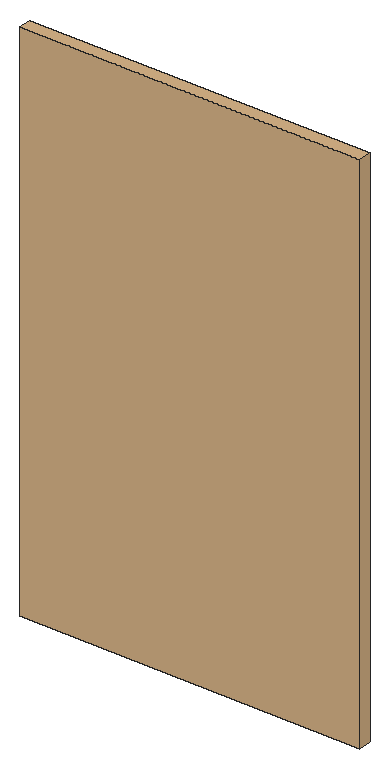
Revit family "0020_M_DR_W_double-uneven_no trim", category 문, Revit 2026
Family settings
  호스트 = 벽
  항상 수직 = 예
  로드될 때 보이드를 사용하여 절단 = 아니오
  공유 = 아니오
  룸 계산 점 = 아니오
Parameters (values of type "54" x 84"")
  Width = 4' - 6"
  두께 = 0' - 2"
  조합 코드 = "C1020"
  기능 = 내부
  Door Material = Door - Panel
  Frame Material = Door - Frame
  Height = 7' - 0"
  벽 마무리 = 호스트별
  Width Large Panel = 3' - 4"
  Width Small Panel = Width - (Width Large Panel)  # 1' - 2"
Types (7): name | Width | 두께 | 조합 코드 | Height | Width Large Panel | Width Small Panel
  52" x 84" | 4' - 6" | 0' - 2" | "C1020" | 7' - 0" | 3' - 4" | 1' - 2"
  54" x 80" | 4' - 6" | 0' - 2" | "C1020" | 6' - 8" | 3' - 4" | 1' - 2"
  54" x 84" | 4' - 6" | 0' - 2" | "C1020" | 7' - 0" | 3' - 4" | 1' - 2"
  48" x 80" | 4' - 0" | 0' - 2" | "C1020" | 6' - 8" | 2' - 6" | 1' - 6"
  44" x 80" | 3' - 8" | 0' - 2" | "C1020" | 6' - 8" | 2' - 6" | 1' - 2"
  50" x 84" | 4' - 6" | 0' - 2" | "C1020" | 7' - 0" | 3' - 4" | 1' - 2"
  1350 x 2134mm | 4' - 5 19/128" | 0' - 1 31/32" | 0' - 0" | 7' - 0 1/64" | 3' - 3 47/128" | 1' - 1 25/32"
Reference planes (in)
  plane 1: y = 0
  plane 2: z = 0
  plane 3 "Center": x = -10
  plane 4 "Left": x = -50
  plane 5 "Right": x = 4
  plane 6 "Top": z = 84
Forms (in)
  Extrusion 1, solid, material "Door - Panel" <- "Door Material"
    sketch origin (0, 0, 0) x (1, 0, 0) y (0, 1, 0)
      loop
        line (-50, 3) -> (-50, 1) -> (4, 1) -> (4, 3) -> (-50, 3)
    from 0 to 84
Lines and regions (in)
  Opening 1
    outline origin (-90, -3, 0) x (1, 0, 0) y (0, 0, 1)
      loop
        line (40, 0) -> (94, 0) -> (94, 84) -> (40, 84) -> (40, 0)
  symbolic lines, style "Elevation Swing"
    curve 1: line (-10, 3, 0) -> (-50, 3, 42)
    curve 2: line (-50, 3, 42) -> (-10, 3, 84)
    curve 8: line (-10, 3, 84) -> (4, 3, 42)
    curve 9: line (-10, 3, 0) -> (4, 3, 42)
  symbolic lines, style "Plan Swing"
    curve 3: arc (-10, 3, 0) -> (-21.71573, 31.28427, 0) -> (-50, 43, 0) r 40
    curve 16: arc (-10, 3, 0) -> (-5.89949, 12.89949, 0) -> (4, 17, 0) r 14
  symbolic lines, style "DoorsPanelProjection"
    curve 4: line (-50, 3, 0) -> (-48, 3, 0)
    curve 5: line (-50, 3, 0) -> (-50, 42.94523, 0)
    curve 6: line (-50, 42.94523, 0) -> (-47.90753, 42.94523, 0)
    curve 7: line (-48, 3, 0) -> (-48, 42.94997, 0)
    curve 12: line (4, 3, 0) -> (2, 3, 0)
    curve 13: line (4, 3, 0) -> (4, 17, 0)
    curve 14: line (4, 17, 0) -> (2, 17, 0)
    curve 15: line (2, 3, 0) -> (2, 17, 0)
  model lines, style "DoorsPanelProjection"
    curve 10: line (-10, 3, 84) -> (-10, 3, 0)
    curve 11: line (-10, 1, 84) -> (-10, 1, 0)
Text (in)
  text "Exterior" at (-72.94685, 22.51299, 0), in view "Floor Line"
  text "Interior" at (-72.94685, -18.48168, 0), in view "Floor Line"
  text "Exterior" at (0, 40.15149, 123.01588), in view "Right"
  text "Interior" at (0, -64.39139, 123.01588), in view "Right"
  text "Interior" at (0, -14.40476, 117.12378), in view "Left"
  text "Exterior" at (0, 54.57065, 117.12378), in view "Left"
Dimensions and locks (in)
  equal spacing: host wall, curve 2, plane 6 "Top"
  plane 4 "Left" to plane 3 "Center" to plane 5 "Right" = 3' - 4", 1' - 2"
  "두께": curve 7 to curve 5
  equal spacing: host wall, curve 9, plane 6 "Top"
  level to plane 2 = 0' - 0"
  "두께": curve 15 to plane 5 "Right"
  "Height": plane 6 "Top" to level
  "Width": plane 4 "Left" to plane 5 "Right"
  "Width Large Panel": plane 4 "Left" to plane 3 "Center"
  "두께": host wall to Extrusion 1 sketch curve
  aligned and locked: plane 4 "Left" to Opening 1 sketch curve
  aligned and locked: plane 6 "Top" to Opening 1 sketch curve  (x2)
  aligned and locked: Opening 1 sketch curve to plane 5 "Right"
  aligned and locked: Opening 1 sketch curve to level
  aligned and locked: plane 6 "Top" to curve 2
  aligned and locked: level to curve 1
  aligned and locked: Extrusion 1 to host wall
  aligned and locked: curve 12 to Extrusion 1
  aligned and locked: plane 5 "Right" to host wall  (x2)
  aligned and locked: level to plane 2
Automatic sketch dimensions
  Extrusion 1 sketch curve to plane 4 "Left" = 0' - 0"
  Extrusion 1 sketch curve to plane 5 "Right" = 0' - 0"
  curve 3 to plane 4 "Left" = 0' - 0"
  curve 4 to plane 4 "Left" = 0' - 0"
  curve 3 to plane 3 "Center" = 0' - 0"
  curve 16 to plane 3 "Center" = 0' - 0"
  curve 7 to curve 6 = 0' - 0.09247"
  curve 4 to curve 3 = 0' - 0"
  curve 8 to plane 3 "Center" = 0' - 0"
  curve 8 to plane 6 "Top" = 0' - 0"
  curve 10 to plane 3 "Center" = 0' - 0"
  curve 10 to plane 6 "Top" = 0' - 0"
  curve 11 to plane 3 "Center" = 0' - 0"
  curve 11 to plane 6 "Top" = 0' - 0"
  curve 9 to level = 0' - 0"
  curve 10 to level = 0' - 0"
  curve 11 to level = 0' - 0"
  curve 1 to plane 4 "Left" = 0' - 0"
  curve 9 to plane 3 "Center" = 0' - 0"
  curve 2 to plane 3 "Center" = 0' - 0"
  curve 1 to plane 3 "Center" = 0' - 0"
  curve 9 to plane 5 "Right" = 0' - 0"
  curve 12 to host wall = 0' - 0"
  curve 3 to host wall = 0' - 0"
  Extrusion 1 sketch curve to host wall = 0' - 0"
